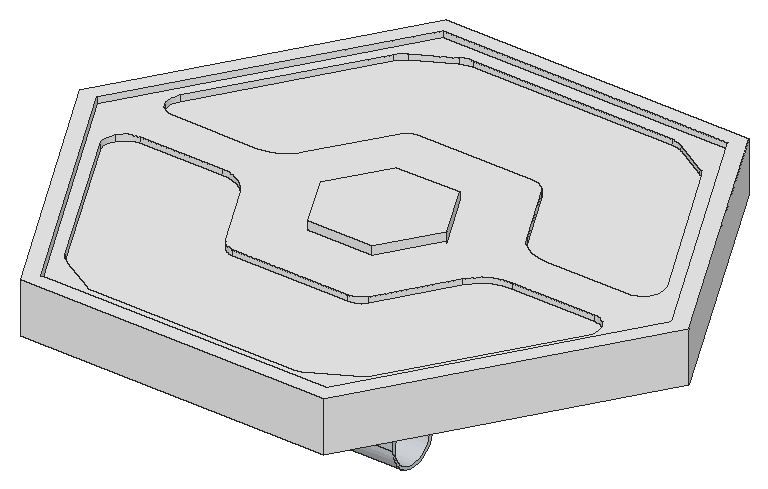
Revit family "Lighting-Industrial-GEWISS-ESALITE-HB-HIGHBAYS-LED_24K_DALI", category Apparecchi per illuminazione, host Superficie, Revit 2019
Family settings
  Host = Superficie
  Quota connettore circolare = Usa diametro
  Tipo di parte = Normale
  Taglio con vuoti quando caricato = No
  Sorgente d'illuminazione = No
  Condiviso = No
  Punto di calcolo locali = Sì
Parameters (values of type "GWS6355GD57K - ESALITE 24K ELL.5700K PLAF+V.GR.DALI")
  Weight (kg): = "11,2"
  Warranty = "5 years"
  Voltage- = "220/240 V - 50/60 Hz"
  Versions = "5700K cold light"
  Version file RFA = "20.11"
  VISIBILITA' SIMBOLO [instance] = yes
  VISIBILITA' LAMPADA PIANTA [instance] = not(VISIBILITA' SIMBOLO)  # no
  VISIBILITA' ETICHETTA [instance] = yes
  V = 0 V
  URL = "https://www.gewiss.com/ww/en"
  Technical sheet = "https://www.gewiss.com/ww/en/search?q=GWS6355GD57K"
  System power = "210W"
  Spostamento_y_effettivo_ET [instance] = 4000 mm - Spostamento_y_ET  # 2000 mm
  Spostamento_y_ET [instance] = 2000 mm
  Spostamento_X_effettivo_ET [instance] = 4000 mm - Spostamento_X_ET  # 3800 mm
  Spostamento_X_ET [instance] = 200 mm
  Shock resistance = "IK08"
  Shield type = "Tempered glass"
  SEO = "High bay"
  Realized by GEWISS S.p.A. = ""
  Prospetto di default = 1200 mm
  Produttore = "GEWISS S.p.A."
  Potenza di sitema = "Wxxx"
  Overvoltage resistance : = "Common mode: 8KV; Differential mode: 6KV"
  Optic = "Elliptical"
  Operating temperature: = "-30 +50 °C"
  Numero poli = 1
  Nominal flux (lm) = "29000"
  Modello = "GWS6355GD57K"
  Lumen output (lm) = "22200"
  Life time L90B10 (Tq 50Â°C) = "44000H"
  Life time L90B10 (Tq 25Â°C) = "100000H"
  Lamp- = "LED - Not replaceable"
  LED current. = "0,9A"
  Insulation class = "I"
  Immagine tipo = ESALITE_HB.jpg
  IP degree = "IP66"
  IDT = "f0f76afb655d49ff8b6d77a2e4b77edd"
  IDF = "a9774af4-46a2-4167-9a78-23378d3f8dd5"
  Electrocod = "2444"
  Efficiency class of integrated LEDs = "A ÷ A++"
  Driver type = "Driver Led Dali"
  Descrizione = "ESALITE 24K ELL.5700K PLAF+V.GR.DALI"
  Colour temperature: = "5700 K (CRI>80)"
  Colour = "Grey RAL 9006"
  Catalogue Range = "ESALITE HB - 24K"
  Catalogue = "LIGHTING"
  COBie.Tagnumber = ""
  COBie.CreatedOn = ""
  COBie.CreatebBy = ""
  COBie.ComponentRegisterItemID = ""
  COBie.Component.TagNumber = ""
  COBie.Component.Space = ""
  COBie.Component.SerialNumber = ""
  COBie.Component.InstallationDate = ""
  COBie.Component.Description = ""
  COBie.Component.BarCode = ""
  Application = "Indoor / Outdoor"
Types (25, lengths in mm): name | Versions | Technical sheet | Shock resistance | Shield type | Optic | Nominal flux (lm) | Modello | Lumen output (lm) | IP degree | IDT | Descrizione | Colour temperature: | Application
  (no name) | "5700K cold light" | "https://www.gewiss.com/ww/en/search?q=GWS6355GD57K" | "IK08" | "Tempered glass" | "Elliptical" | "29000" | "GWS6355GD57K" | "22200" | "IP66" | "f0f76afb655d49ff8b6d77a2e4b77edd" | "ESALITE 24K ELL.5700K PLAF+V.GR.DALI" | "5700 K (CRI>80)" | "Indoor / Outdoor"
  GWS6052GD - ESALITE 24K 30° 4000K PLAF.GR.DALI | "4000K natural light" | "https://www.gewiss.com/ww/en/search?q=GWS6052GD" | "IK06" | "Plastic" | "30°" | "29000" | "GWS6052GD" | "23600" | "IP65" | "7a529c6a4aff455e898e82f17e4db8f0" | "ESALITE 24K 30° 4000K PLAF.GR.DALI" | "4000 K (CRI>80)" | "Internal"
  GWS6052GD30K - ESALITE 24K 30° 3000K PLAF.GR.DALI | "3000K warm light" | "https://www.gewiss.com/ww/en/search?q=GWS6052GD30K" | "IK06" | "Plastic" | "30°" | "27000" | "GWS6052GD30K" | "21900" | "IP65" | "d4ebf1f3d9fe48179ddd5535c7b9acd2" | "ESALITE 24K 30° 3000K PLAF.GR.DALI" | "3000 K (CRI>80)" | "Internal"
  GWS6052GD57K - ESALITE 24K 30° 5700K PLAF.GR.DALI | "5700K cold light" | "https://www.gewiss.com/ww/en/search?q=GWS6052GD57K" | "IK06" | "Plastic" | "30°" | "29000" | "GWS6052GD57K" | "23600" | "IP65" | "988cbc6da2f94784838340eaeba77c4c" | "ESALITE 24K 30° 5700K PLAF.GR.DALI" | "5700 K (CRI>80)" | "Internal"
  GWS6053GD - ESALITE 24K 60° 4000K PLAF.GR.DALI | "4000K natural light" | "https://www.gewiss.com/ww/en/search?q=GWS6053GD" | "IK06" | "Plastic" | "60°" | "29000" | "GWS6053GD" | "24100" | "IP65" | "5bd9f83446b24d2cb9b4f137cdb066db" | "ESALITE 24K 60° 4000K PLAF.GR.DALI" | "4000 K (CRI>80)" | "Internal"
  GWS6053GD30K - ESALITE 24K 60° 3000K PLAF.GR.DALI | "3000K warm light" | "https://www.gewiss.com/ww/en/search?q=GWS6053GD30K" | "IK06" | "Plastic" | "60°" | "27000" | "GWS6053GD30K" | "22400" | "IP65" | "dea463b2350f4775a34d1bbf71191fdc" | "ESALITE 24K 60° 3000K PLAF.GR.DALI" | "3000 K (CRI>80)" | "Internal"
  GWS6053GD57K - ESALITE 24K 60° 5700K PLAF.GR.DALI | "5700K cold light" | "https://www.gewiss.com/ww/en/search?q=GWS6053GD57K" | "IK06" | "Plastic" | "60°" | "29000" | "GWS6053GD57K" | "24100" | "IP65" | "ccda541c118a402dafb75b9b97384d49" | "ESALITE 24K 60° 5700K PLAF.GR.DALI" | "5700 K (CRI>80)" | "Internal"
  GWS6054GD - ESALITE 24K 90° 4000K PLAF.GR.DALI | "4000K natural light" | "https://www.gewiss.com/ww/en/search?q=GWS6054GD" | "IK06" | "Plastic" | "90°" | "29000" | "GWS6054GD" | "25600" | "IP65" | "b5011d9e54c7465a944745bc54fa6949" | "ESALITE 24K 90° 4000K PLAF.GR.DALI" | "4000 K (CRI>80)" | "Internal"
  GWS6054GD30K - ESALITE 24K 90° 3000K PLAF.GR.DALI | "3000K warm light" | "https://www.gewiss.com/ww/en/search?q=GWS6054GD30K" | "IK06" | "Plastic" | "90°" | "27000" | "GWS6054GD30K" | "23800" | "IP65" | "8993c58c61bf4daeb0c1e66ccf0ec204" | "ESALITE 24K 90° 3000K PLAF.GR.DALI" | "3000 K (CRI>80)" | "Internal"
  GWS6054GD57K - ESALITE 24K 90° 5700K PLAF.GR.DALI | "5700K cold light" | "https://www.gewiss.com/ww/en/search?q=GWS6054GD57K" | "IK06" | "Plastic" | "90°" | "29000" | "GWS6054GD57K" | "25600" | "IP65" | "aac461747f3849b89be83953807347f4" | "ESALITE 24K 90° 5700K PLAF.GR.DALI" | "5700 K (CRI>80)" | "Internal"
  GWS6055GD - ESALITE 24K ELL.4000K PLAF.GR.DALI | "4000K natural light" | "https://www.gewiss.com/ww/en/search?q=GWS6055GD" | "IK06" | "Plastic" | "Elliptical" | "29000" | "GWS6055GD" | "24100" | "IP65" | "c2cbb117dbe54767a2e3a3479ddb1d8b" | "ESALITE 24K ELL.4000K PLAF.GR.DALI" | "4000 K (CRI>80)" | "Internal"
  GWS6055GD30K - ESALITE 24K ELL.3000K PLAF.GR.DALI | "3000K warm light" | "https://www.gewiss.com/ww/en/search?q=GWS6055GD30K" | "IK06" | "Plastic" | "Elliptical" | "27000" | "GWS6055GD30K" | "22400" | "IP65" | "0d6c2d08d2314372a773691ec730c18d" | "ESALITE 24K ELL.3000K PLAF.GR.DALI" | "3000 K (CRI>80)" | "Internal"
  GWS6055GD57K - ESALITE 24K ELL.5700K PLAF.GR.DALI | "5700K cold light" | "https://www.gewiss.com/ww/en/search?q=GWS6055GD57K" | "IK06" | "Plastic" | "Elliptical" | "29000" | "GWS6055GD57K" | "24100" | "IP65" | "1d3e300ed72b49d2b0c9c3fe6a3a3183" | "ESALITE 24K ELL.5700K PLAF.GR.DALI" | "5700 K (CRI>80)" | "Internal"
  GWS6352GD - ESALITE 24K 30° 4000K PLAF+V.GR.DALI | "4000K natural light" | "https://www.gewiss.com/ww/en/search?q=GWS6352GD" | "IK08" | "Tempered glass" | "30°" | "29000" | "GWS6352GD" | "21700" | "IP66" | "dc98eba4d6034e879b26eaf069b8883e" | "ESALITE 24K 30° 4000K PLAF+V.GR.DALI" | "4000 K (CRI>80)" | "Indoor / Outdoor"
  GWS6352GD30K - ESALITE 24K 30° 3000K PLAF+V.GR.DALI | "3000K warm light" | "https://www.gewiss.com/ww/en/search?q=GWS6352GD30K" | "IK08" | "Tempered glass" | "30°" | "27000" | "GWS6352GD30K" | "20200" | "IP66" | "6c4655eb98dd4145bfde5ca2a8d1e3f8" | "ESALITE 24K 30° 3000K PLAF+V.GR.DALI" | "3000 K (CRI>80)" | "Indoor / Outdoor"
  GWS6352GD57K - ESALITE 24K 30° 5700K PLAF+V.GR.DALI | "5700K cold light" | "https://www.gewiss.com/ww/en/search?q=GWS6352GD57K" | "IK08" | "Tempered glass" | "30°" | "29000" | "GWS6352GD57K" | "21700" | "IP66" | "a6b2e109af554cf3afd91e6397fe3076" | "ESALITE 24K 30° 5700K PLAF+V.GR.DALI" | "5700 K (CRI>80)" | "Indoor / Outdoor"
  GWS6353GD - ESALITE 24K 60° 4000K PLAF+V.GR.DALI | "4000K natural light" | "https://www.gewiss.com/ww/en/search?q=GWS6353GD" | "IK08" | "Tempered glass" | "60°" | "29000" | "GWS6353GD" | "22200" | "IP66" | "5ced56ef3ad443188505a0500c17be60" | "ESALITE 24K 60° 4000K PLAF+V.GR.DALI" | "4000 K (CRI>80)" | "Indoor / Outdoor"
  GWS6353GD30K - ESALITE 24K 60° 3000K PLAF+V.GR.DALI | "3000K warm light" | "https://www.gewiss.com/ww/en/search?q=GWS6353GD30K" | "IK08" | "Tempered glass" | "60°" | "27000" | "GWS6353GD30K" | "20600" | "IP66" | "ac530e89efbb4424a6a6cfde89b676b9" | "ESALITE 24K 60° 3000K PLAF+V.GR.DALI" | "3000 K (CRI>80)" | "Indoor / Outdoor"
  GWS6353GD57K - ESALITE 24K 60° 5700K PLAF+V.GR.DALI | "5700K cold light" | "https://www.gewiss.com/ww/en/search?q=GWS6353GD57K" | "IK08" | "Tempered glass" | "60°" | "29000" | "GWS6353GD57K" | "22200" | "IP66" | "8d1e01f05566424f83bf0f6a4fa693fa" | "ESALITE 24K 60° 5700K PLAF+V.GR.DALI" | "5700 K (CRI>80)" | "Indoor / Outdoor"
  GWS6354GD - ESALITE 24K 90° 4000K PLAF+V.GR.DALI | "4000K natural light" | "https://www.gewiss.com/ww/en/search?q=GWS6354GD" | "IK08" | "Tempered glass" | "90°" | "29000" | "GWS6354GD" | "23600" | "IP66" | "ccf18fba6ae74926ac10c1070d8e3b60" | "ESALITE 24K 90° 4000K PLAF+V.GR.DALI" | "4000 K (CRI>80)" | "Indoor / Outdoor"
  GWS6354GD30K - ESALITE 24K 90° 3000K PLAF+V.GR.DALI | "3000K warm light" | "https://www.gewiss.com/ww/en/search?q=GWS6354GD30K" | "IK08" | "Tempered glass" | "90°" | "27000" | "GWS6354GD30K" | "21900" | "IP66" | "d5189869ec1742c3a465af752ac5306a" | "ESALITE 24K 90° 3000K PLAF+V.GR.DALI" | "3000 K (CRI>80)" | "Indoor / Outdoor"
  GWS6354GD57K - ESALITE 24K 90° 5700K PLAF+V.GR.DALI | "5700K cold light" | "https://www.gewiss.com/ww/en/search?q=GWS6354GD57K" | "IK08" | "Tempered glass" | "90°" | "29000" | "GWS6354GD57K" | "23600" | "IP66" | "de51f4aed0be4ed38c81c5697c8fd02a" | "ESALITE 24K 90° 5700K PLAF+V.GR.DALI" | "5700 K (CRI>80)" | "Indoor / Outdoor"
  GWS6355GD - ESALITE 24K ELL.4000K PLAF+V.GR.DALI | "4000K natural light" | "https://www.gewiss.com/ww/en/search?q=GWS6355GD" | "IK08" | "Tempered glass" | "Elliptical" | "29000" | "GWS6355GD" | "22200" | "IP66" | "15f081436d7041e3beec56ff2ff105a1" | "ESALITE 24K ELL.4000K PLAF+V.GR.DALI" | "4000 K (CRI>80)" | "Indoor / Outdoor"
  GWS6355GD30K - ESALITE 24K ELL.3000K PLAF+V.GR.DALI | "3000K warm light" | "https://www.gewiss.com/ww/en/search?q=GWS6355GD30K" | "IK08" | "Tempered glass" | "Elliptical" | "27000" | "GWS6355GD30K" | "20600" | "IP66" | "f0e388d9d5df4f198b10569113670eb8" | "ESALITE 24K ELL.3000K PLAF+V.GR.DALI" | "3000 K (CRI>80)" | "Indoor / Outdoor"
  GWS6355GD57K - ESALITE 24K ELL.5700K PLAF+V.GR.DALI | "5700K cold light" | "https://www.gewiss.com/ww/en/search?q=GWS6355GD57K" | "IK08" | "Tempered glass" | "Elliptical" | "29000" | "GWS6355GD57K" | "22200" | "IP66" | "f0f76afb655d49ff8b6d77a2e4b77edd" | "ESALITE 24K ELL.5700K PLAF+V.GR.DALI" | "5700 K (CRI>80)" | "Indoor / Outdoor"
Reference planes
  plane 1 "Centro (Fronte/Retro)": y = 0
  plane 2: z = 0
  plane 3 "Centro (Sinistra/Destra)": x = 0
  plane 4: z = 185
  plane 5: x = -50.612
  plane 6: x = -3850.612
  plane 7: y = -2119.2
  plane 8: y = -119.2
  plane 9: through (-1779.2, -702.001, 1219.2) normal (0.4695, 0.8829, 0)
  plane 10: through (203.705, -1575.119, 1219.2) normal (-0.866, 0.5, 0)
  plane 11: x = -217.137
  plane 12: x = 217.137
  plane 13: y = 188.046
  plane 14: y = -188.046
Text (mm)
  text "B-A=C" at (-2005.323, -1167.131, 0), in view "Livello rif."
  text "D+A-C=B" at (1746.792, 582.509, 0), in view "Livello rif."
Dimensions and locks
  "Spostamento_X_effettivo_ET": plane 6 to plane 5
  plane 6 to plane 3 "Centro (Sinistra/Destra)" = 3850.612 mm
  "Spostamento_y_effettivo_ET": plane 8 to plane 7
  plane 1 "Centro (Fronte/Retro)" to plane 7 = 2119.2 mm
  plane 11 to plane 12 = 434.273 mm
  plane 13 to plane 14 = 376.092 mm
  angle plane 9 to plane 7 = 28.00°
  angle plane 7 to plane 6 = 90.00°
  aligned and locked: plane 2 to host face
  aligned and locked: level to host face
  aligned and locked: plane 5 to nested 1
  aligned and locked: nested 1 to plane 8
  aligned and locked: plane 3 "Centro (Sinistra/Destra)" to nested 3
  aligned and locked: plane 1 "Centro (Fronte/Retro)" to nested 3
Automatic sketch dimensions
  host sketch curve to host sketch curve = 2438.4 mm  (x2)
Nested families
  nested 1: "etichetta Potenza Lampada" at (-50.612, -119.2, 0), visible <- "VISIBILITA' ETICHETTA", type "etichetta Potenza Lampada"
  nested 2: "ESALITE HB 24K SOSPENSIONE_base" at (0, 0, 0), type "Tipo 1"
  nested 3: "Simbolo HB" at (0, 0, 0), visible <- "VISIBILITA' SIMBOLO", type "esalight hb simb"
  nested 4: "Frontale HB 24" at (0.038, -241.364, 0) x (1, 0.0002, 0) z (0, 0, 1), visible <- "VISIBILITA' LAMPADA PIANTA", type "Frontale HB 24"
  nested 5: "Laterale corta - HB 24" at (0, 0, 0) x (1, 0, 0) z (0, -1, 0), visible <- "VISIBILITA' LAMPADA PIANTA", type "Laterale corta - HB 24"
  nested 6: "Laterale lungo - HB 24" at (0, 0, 0) x (0, 1, 0) z (1, 0, 0), visible <- "VISIBILITA' LAMPADA PIANTA", type "Laterale lungo - HB 24"
Definition of nested family "ESALITE HB 24K SOSPENSIONE_base"
  Parameters (values of type "Tipo 1")
    V = 0 V
    Schermatura interna = none
    Numero poli = 1
    LED = none
    Corpo luce = none
  Reference planes
    plane 1 "Centro (Fronte/Retro)": y = 0
    plane 2: z = 0
    plane 3 "Centro (Sinistra/Destra)": x = 0
    plane 4: x = -145.163
    plane 5: x = 145.28
    plane 6: y = 126.226
    plane 7: y = -125.856
    plane 8: y = 55.469
    plane 9: y = -55.099
    plane 10: x = -63.671
    plane 11: x = 63.788
    plane 12: y = -123.856
    plane 13: y = 124.226
    plane 14: y = -112.535
    plane 15: y = 112.905
    plane 16: y = -22
    plane 17: y = 22
    plane 18: y = -108.017
    plane 19: y = 108.387
    plane 20: through (-28.293, 49.29, 1200) normal (0.866, -0.5, 0)
    plane 21: y = 49.29
    plane 22: through (28.409, 49.29, 1200) normal (0.866, 0.5, 0)
    plane 23: through (28.409, -48.92, 1200) normal (-0.866, 0.5, 0)
    plane 24: y = -48.92
    plane 25: through (-56.644, 0.185, 1200) normal (0.866, 0.5, 0)
    plane 26: through (-31.86, 55.469, 1200) normal (0.866, -0.5, 0)
    plane 27: through (-63.778, 0.185, 1200) normal (0.866, 0.5, 0)
    plane 28: y = -55.099
    plane 29: through (63.894, 0.185, 1200) normal (0.866, -0.5, 0)
    plane 30: through (63.894, 0.185, 1200) normal (-0.866, -0.5, 0)
    plane 31: y = 55.469
    plane 32: z = 123.439
    plane 33: through (-65.51, 1.185, 1200) normal (-0.866, 0.5, 0)
    plane 34: through (-33.592, -56.099, 1200) normal (-0.866, -0.5, 0)
    plane 35: through (-65.51, 1.185, 1200) normal (-0.866, 0.5, 0)
    plane 36: y = 57.469
    plane 37: through (33.708, 56.469, 1200) normal (0.866, 0.5, 0)
    plane 38: through (65.626, -0.815, 1200) normal (0.866, -0.5, 0)
    plane 39: y = -57.099
    plane 40: y = -1
    plane 41: y = 1
    plane 42: x = -1
    plane 43: x = 0
    plane 44: y = 105.387
    plane 45: y = -105.017
    plane 46: z = 130
    plane 47: y = -103.017
    plane 48: y = 103.387
    plane 49: x = 1
    plane 50: through (-108.857, 187.546, 1200) normal (0.866, -0.5, 0)
    plane 51: y = 188.046
    plane 52: y = 174.478
    plane 53: through (-101.456, 173.228, 1200) normal (0.866, -0.5, 0)
    plane 54: through (-216.848, -0.5, 1200) normal (0.866, 0.5, 0)
    plane 55: through (-200.748, -1.25, 1200) normal (0.866, 0.5, 0)
    plane 56: y = -188.046
    plane 57: y = -174.478
    plane 58: y = 188.046
    plane 59: y = 174.478
    plane 60: through (200.748, 1.25, 1200) normal (-0.866, -0.5, 0)
    plane 61: through (216.848, 0.5, 1200) normal (-0.866, -0.5, 0)
    plane 62: through (108.857, -187.546, 1200) normal (-0.866, 0.5, 0)
    plane 63: through (101.456, -173.228, 1200) normal (-0.866, 0.5, 0)
    plane 64: z = 89
    plane 65: z = 134
    plane 66: z = 108.133
    plane 67: z = 123.439
    plane 68: z = 117.439
    plane 69: z = 128.439
    plane 70: z = 27.205
    plane 71: z = 152.205
    plane 72: z = 197.205
    plane 73: z = 199.205
    plane 74: z = 192.205
    plane 75: z = 182.205
    plane 76: z = 187.205
    plane 77: z = 184.113
    plane 78: x = -263
    plane 79: x = 263
    plane 80: x = -107.366
    plane 81: x = 108.568
  Forms (mm)
    Extrusion 1, solid, material <- "Corpo luce"
      sketch origin (0, 0, 0) x (1, 0, 0) y (0, 1, 0)
        loop
          line (-28.293, 49.29) -> (-56.644, 0.185) -> (-28.293, -48.92) -> (28.409, -48.92) -> (56.76, 0.185) -> (28.409, 49.29) -> (-28.293, 49.29)
      from 199.205 to 55
    Extrusion 2, solid
      sketch origin (0, 0, 0) x (0, 1, 0) y (0, 0, 1)
        loop
          arc (-22, 21.411) -> (0, -0.589) -> (22, 21.411) r 22
          line (22, 21.411) -> (22, 55) -> (-22, 55) -> (-22, 21.411)
        loop
          circle (0, 21.411) r 20
      from -26.009 to 26.009
    Extrusion 3, solid, material <- "Corpo luce"
      sketch origin (0, 0, 0) x (1, 0, 0) y (0, 1, 0)
        loop
          line (136.312, -237.421) -> (273.387, 0) -> (135.951, 238.046) -> (-134.701, 238.046) -> (-272.137, 0) -> (-135.062, -237.421) -> (136.312, -237.421)
        loop
          line (128.478, -223.853) -> (257.72, 0) -> (128.117, 224.478) -> (-126.867, 224.478) -> (-256.47, 0) -> (-127.228, -223.853) -> (128.478, -223.853)
      from 152.205 to 197.205
    Extrusion 4, solid, material <- "Corpo luce"
      sketch origin (0, 0, 0) x (1, 0, 0) y (0, 1, 0)
        loop
          line (-260.455, 0) -> (-130.169, -225.662) -> (130.286, -225.662) -> (260.572, 0) -> (130.286, 225.662) -> (-130.169, 225.662) -> (-260.455, 0)
        loop
          line (-28.293, 49.29) -> (-56.644, 0.185) -> (-28.293, -48.92) -> (28.409, -48.92) -> (56.76, 0.185) -> (28.409, 49.29) -> (-28.293, 49.29)
      from 182.205 to 192.205
    Extrusion 5, void
      sketch origin (0, 0, 0) x (1, 0, 0) y (0, 1, 0)
        loop
          arc (-218.132, 27.925) -> (-211.783, 21.224) -> (-202.889, 18.755) r 17.255
          line (-202.889, 18.755) -> (-129.361, 18.755)
          arc (-129.361, 18.755) -> (-111.731, 23.479) -> (-98.826, 36.385) r 35.259
          line (-98.826, 36.385) -> (-64.175, 96.401)
          arc (-64.175, 96.401) -> (-58.775, 101.801) -> (-51.398, 103.778) r 14.754
          line (-51.398, 103.778) -> (51.398, 103.778)
          arc (51.398, 103.778) -> (58.775, 101.801) -> (64.175, 96.401) r 14.754
          line (64.175, 96.401) -> (98.854, 36.336)
          arc (98.854, 36.336) -> (111.756, 23.465) -> (129.361, 18.755) r 35.259
          line (129.361, 18.755) -> (202.889, 18.755)
          arc (202.889, 18.755) -> (211.784, 21.225) -> (218.133, 27.927) r 17.255
          arc (218.133, 27.927) -> (220.334, 36.472) -> (218.023, 44.987) r 17.255
          line (218.023, 44.987) -> (138.389, 182.917)
          arc (138.389, 182.917) -> (135.165, 187.129) -> (130.959, 190.359) r 20.255
          line (130.959, 190.359) -> (99.376, 208.593)
          arc (99.376, 208.593) -> (94.491, 210.617) -> (89.248, 211.307) r 20.255
          line (89.248, 211.307) -> (-89.248, 211.307)
          arc (-89.248, 211.307) -> (-94.491, 210.617) -> (-99.376, 208.593) r 20.255
          line (-99.376, 208.593) -> (-130.959, 190.359)
          arc (-130.959, 190.359) -> (-135.143, 187.15) -> (-138.358, 182.971) r 20.255
          line (-138.358, 182.971) -> (-218.023, 44.987)
          arc (-218.023, 44.987) -> (-220.334, 36.471) -> (-218.132, 27.925) r 17.255
        loop
          arc (-218.132, -27.925) -> (-220.334, -36.471) -> (-218.023, -44.987) r 17.255
          line (-218.023, -44.987) -> (-138.358, -182.971)
          arc (-138.358, -182.971) -> (-135.143, -187.15) -> (-130.959, -190.359) r 20.255
          line (-130.959, -190.359) -> (-99.376, -208.593)
          arc (-99.376, -208.593) -> (-94.491, -210.617) -> (-89.248, -211.307) r 20.255
          line (-89.248, -211.307) -> (89.248, -211.307)
          arc (89.248, -211.307) -> (94.491, -210.617) -> (99.376, -208.593) r 20.255
          line (99.376, -208.593) -> (130.959, -190.359)
          arc (130.959, -190.359) -> (135.165, -187.129) -> (138.389, -182.917) r 20.255
          line (138.389, -182.917) -> (218.023, -44.987)
          arc (218.023, -44.987) -> (220.334, -36.472) -> (218.133, -27.927) r 17.255
          arc (218.133, -27.927) -> (211.784, -21.225) -> (202.889, -18.755) r 17.255
          line (202.889, -18.755) -> (129.361, -18.755)
          arc (129.361, -18.755) -> (111.756, -23.465) -> (98.854, -36.336) r 35.259
          line (98.854, -36.336) -> (64.175, -96.401)
          arc (64.175, -96.401) -> (58.775, -101.801) -> (51.398, -103.778) r 14.754
          line (51.398, -103.778) -> (-51.398, -103.778)
          arc (-51.398, -103.778) -> (-58.775, -101.801) -> (-64.175, -96.401) r 14.754
          line (-64.175, -96.401) -> (-98.826, -36.385)
          arc (-98.826, -36.385) -> (-111.731, -23.479) -> (-129.361, -18.755) r 35.259
          line (-129.361, -18.755) -> (-202.889, -18.755)
          arc (-202.889, -18.755) -> (-211.783, -21.224) -> (-218.132, -27.925) r 17.255
      from 187.205 to 192.205
  Cuts and joins
    Extrusion 5 cuts Extrusion 4
  Lines and regions (mm)
    symbolic lines
      curve 1: line (0, 188.046, 0) -> (0, 193.046, 0)
      curve 2: line (0, -66.018, 0) -> (0, 66.018, 0)
      curve 3: line (-81.378, 0, 0) -> (81.378, 0, 0)
  Dimensions and locks
    locked: plane 6 to plane 13 at 2
    locked: plane 7 to plane 12 at 2
    locked: plane 15 to plane 13 at 11.321
    locked: plane 12 to plane 14 at 11.321
    equal spacing: Extrusion 2, plane 3 "Centro (Sinistra/Destra)", Extrusion 2
    plane 4 to plane 5 = 290.443 mm
    plane 7 to plane 6 = 252.082 mm
    Extrusion 1 to plane 70 = 172 mm
    plane 72 to plane 71 = 45 mm
    locked: plane 72 to plane 74 at 5
    locked: plane 74 to plane 75 at 10
    locked: plane 74 to plane 76 at 5
    locked: plane 76 to plane 77 at 3.092
    aligned and locked: level to plane 2
    aligned and locked: Extrusion 2 sketch curve to plane 16
    aligned and locked: Extrusion 2 sketch curve to plane 17
    aligned and locked: plane 1 "Centro (Fronte/Retro)" to Extrusion 2 sketch curve
    aligned and locked: Extrusion 1 sketch curve to plane 20
    aligned and locked: Extrusion 1 sketch curve to plane 25
    aligned and locked: Extrusion 1 sketch curve to plane 24
    aligned and locked: Extrusion 1 sketch curve to plane 23
    aligned and locked: Extrusion 1 sketch curve to plane 22
    aligned and locked: Extrusion 1 sketch curve to plane 21
    aligned and locked: Extrusion 1 to plane 73
    aligned and locked: Extrusion 3 to plane 72
    aligned and locked: Extrusion 3 to plane 71
    aligned and locked: Extrusion 4 to plane 74
    aligned and locked: Extrusion 4 to plane 75
    aligned and locked: Extrusion 4 to Extrusion 5
    aligned and locked: Extrusion 5 to plane 76
  Automatic sketch dimensions
    plane 1 "Centro (Fronte/Retro)" to curve 3 = 0 mm
    curve 1 to plane 3 "Centro (Sinistra/Destra)" = 0 mm
    curve 1 to plane 51 = 0 mm
    plane 10 to curve 3 = 17.707 mm
    plane 3 "Centro (Sinistra/Destra)" to curve 2 = 0 mm
    curve 3 to plane 11 = 17.59 mm
    plane 39 to curve 2 = 8.919 mm
    plane 36 to curve 2 = 8.549 mm
    curve 1 to curve 1 = 5 mm
    Extrusion 2 sketch curve to Extrusion 2 sketch curve = 0 mm
    plane 70 to Extrusion 2 sketch curve = 5.795 mm
    Extrusion 2 sketch curve to plane 70 = 27.795 mm
    Extrusion 3 sketch curve to plane 1 "Centro (Fronte/Retro)" = 0 mm  (x4)
    Extrusion 3 sketch curve to plane 78 = 9.137 mm
    plane 78 to Extrusion 3 sketch curve = 6.53 mm
    Extrusion 3 sketch curve to plane 4 = 10.102 mm
    Extrusion 3 sketch curve to plane 4 = 10.463 mm
    Extrusion 3 sketch curve to Extrusion 3 sketch curve = 7.833 mm  (x2)
    plane 5 to Extrusion 3 sketch curve = 17.162 mm
    plane 5 to Extrusion 3 sketch curve = 16.802 mm
    plane 5 to Extrusion 3 sketch curve = 9.329 mm
    plane 5 to Extrusion 3 sketch curve = 8.968 mm
    Extrusion 3 sketch curve to plane 79 = 5.28 mm
    plane 79 to Extrusion 3 sketch curve = 10.387 mm
    Extrusion 3 sketch curve to plane 56 = 35.807 mm
    Extrusion 3 sketch curve to Extrusion 3 sketch curve = 13.568 mm  (x2)
    plane 51 to Extrusion 3 sketch curve = 36.432 mm
    Extrusion 4 sketch curve to plane 20 = 0 mm
    Extrusion 4 sketch curve to plane 25 = 0 mm  (x2)
    plane 20 to Extrusion 4 sketch curve = 0 mm
    Extrusion 4 sketch curve to plane 21 = 0 mm
    Extrusion 4 sketch curve to plane 24 = 0 mm
    Extrusion 4 sketch curve to plane 22 = 0 mm  (x2)
    Extrusion 4 sketch curve to plane 23 = 0 mm  (x2)
    Extrusion 4 sketch curve to plane 4 = 14.995 mm  (x2)
    plane 1 "Centro (Fronte/Retro)" to Extrusion 4 sketch curve = 0 mm  (x2)
    plane 78 to Extrusion 4 sketch curve = 2.545 mm
    plane 5 to Extrusion 4 sketch curve = 14.994 mm  (x2)
    Extrusion 4 sketch curve to plane 79 = 2.428 mm
    Extrusion 4 sketch curve to plane 56 = 37.617 mm
    plane 51 to Extrusion 4 sketch curve = 37.616 mm
    plane 24 to Extrusion 5 sketch curve = 3.933 mm  (x2)
    plane 78 to Extrusion 5 sketch curve = 44.977 mm  (x2)
    Extrusion 5 sketch curve to plane 21 = 4.303 mm  (x2)
    Extrusion 5 sketch curve to Extrusion 5 sketch curve = 14.943 mm  (x4)
    Extrusion 5 sketch curve to Extrusion 5 sketch curve = 0.191 mm  (x4)
    Extrusion 5 sketch curve to plane 4 = 6.806 mm  (x2)
    plane 51 to Extrusion 5 sketch curve = 2.313 mm  (x2)
    Extrusion 5 sketch curve to Extrusion 5 sketch curve = 7.399 mm  (x2)
    Extrusion 5 sketch curve to plane 56 = 2.313 mm  (x2)
    Extrusion 5 sketch curve to plane 16 = 3.245 mm  (x2)
    Extrusion 5 sketch curve to plane 4 = 15.802 mm  (x2)
    Extrusion 5 sketch curve to plane 8 = 1.454 mm  (x2)
    plane 52 to Extrusion 5 sketch curve = 1.661 mm  (x2)
    plane 80 to Extrusion 5 sketch curve = 13.465 mm  (x2)
    plane 57 to Extrusion 5 sketch curve = 1.661 mm  (x2)
    Extrusion 5 sketch curve to plane 80 = 7.99 mm  (x2)
    Extrusion 5 sketch curve to Extrusion 5 sketch curve = 10.128 mm
    plane 51 to Extrusion 5 sketch curve = 3.005 mm  (x2)
    Extrusion 5 sketch curve to plane 80 = 18.118 mm  (x2)
    Extrusion 5 sketch curve to plane 56 = 3.006 mm
    Extrusion 5 sketch curve to plane 10 = 12.273 mm  (x2)
    Extrusion 5 sketch curve to plane 47 = 0.76 mm
    plane 11 to Extrusion 5 sketch curve = 12.39 mm  (x2)
    plane 81 to Extrusion 5 sketch curve = 19.32 mm  (x2)
    plane 81 to Extrusion 5 sketch curve = 9.715 mm  (x2)
    plane 81 to Extrusion 5 sketch curve = 9.192 mm  (x2)
    Extrusion 5 sketch curve to plane 81 = 12.263 mm  (x2)
    plane 9 to Extrusion 5 sketch curve = 1.084 mm  (x2)
    plane 5 to Extrusion 5 sketch curve = 15.919 mm  (x2)
    plane 5 to Extrusion 5 sketch curve = 14.321 mm  (x2)
    Extrusion 5 sketch curve to plane 51 = 5.129 mm
    plane 56 to Extrusion 5 sketch curve = 5.128 mm
    Extrusion 5 sketch curve to plane 5 = 57.609 mm
    plane 17 to Extrusion 5 sketch curve = 3.245 mm  (x2)
    Extrusion 5 sketch curve to Extrusion 5 sketch curve = 0 mm  (x13)
    Extrusion 5 sketch curve to plane 56 = 20.547 mm
    Extrusion 5 sketch curve to Extrusion 5 sketch curve = 17.542 mm  (x2)
    plane 47 to Extrusion 5 sketch curve = 13.994 mm  (x2)
    Extrusion 5 sketch curve to Extrusion 5 sketch curve = 8.627 mm  (x2)
    Extrusion 5 sketch curve to Extrusion 5 sketch curve = 0.35 mm  (x4)
    Extrusion 5 sketch curve to plane 21 = 13.281 mm  (x2)
    plane 48 to Extrusion 5 sketch curve = 14.364 mm  (x2)
    Extrusion 5 sketch curve to plane 48 = 0.39 mm
    Extrusion 5 sketch curve to plane 80 = 8.54 mm  (x2)
    plane 10 to Extrusion 5 sketch curve = 0.504 mm  (x2)
    Extrusion 5 sketch curve to plane 11 = 0.388 mm  (x2)
    radius of Extrusion 2 sketch curve = 20 mm
  Connectors
    electrical at (0.058, 0.185, 55), driven by "Numero poli", driven by "V"
      settings: on Extrusion 1, index 1, voltage 0 V, apparent load 0 VA, apparent load phase1 0 VA, apparent load phase2 0 VA, apparent load phase3 0 VA, power factor 1, load classification none, number of poles 1, system type 31, power factor state 1, is connector primary yes, connector utility no, sub classification motor no, connector description ""
Definition of nested family "etichetta Potenza Lampada"
  Parameters (values of type "etichetta Potenza Lampada")
    potenza lampada = "Wxxx"
  Reference planes
    plane 1: y = 0
    plane 2: x = 0
  Text (mm)
    label "QE" at (0.073, -0.194, 0), shows "potenza lampada"
Definition of nested family "Simbolo HB"
  Reference planes
    plane 1 "Centro (Fronte/Retro)": y = 0
    plane 2: z = 0
    plane 3 "Centro (Sinistra/Destra)": x = 0
  Lines and regions (mm)
    detail lines, in view "Livello rif."
      curve 1: line (0, 152.5, 0) -> (0, -147.5, 0)
      curve 2: line (56.499, 89.193, 0) -> (172.002, 155.878, 0)
      curve 3: line (212.384, 179.193, 0) -> (165.755, 166.699, 0)
      curve 4: line (212.384, 179.193, 0) -> (178.249, 145.058, 0)
      curve 5: line (165.755, 166.699, 0) -> (178.249, 145.058, 0)
      curve 6: line (56.499, -104.193, 0) -> (172.002, -170.878, 0)
      curve 7: line (212.384, -194.193, 0) -> (165.755, -181.699, 0)
      curve 8: line (212.384, -194.193, 0) -> (178.249, -160.058, 0)
      curve 9: line (165.755, -181.699, 0) -> (178.249, -160.058, 0)
      curve 10: arc (0, 152.5, 0) -> (-150, 2.5, 0) -> (0, -147.5, 0) r 150
Definition of nested family "Frontale HB 24"
  Reference planes
    plane 1 "Centro (Fronte/Retro)": y = 0
    plane 2: z = 0
    plane 3 "Centro (Sinistra/Destra)": x = 0
  Lines and regions (mm)
    detail lines, in view "Livello rif."
      curve 1: arc (263.254, 247.441, 0) -> (266.501, 249.563, 0) -> (266.429, 253.441, 0) r 4.007
      curve 2: arc (-133.641, 479.464, 0) -> (-136.147, 478.791, 0) -> (-137.978, 476.953, 0) r 5
      curve 3: arc (138.225, 476.909, 0) -> (136.394, 478.747, 0) -> (133.889, 479.421, 0) r 5
      curve 4: arc (-89.532, 450.987, 0) -> (-94.122, 450.384, 0) -> (-98.399, 448.615, 0) r 17.75
      curve 5: arc (-129.977, 430.391, 0) -> (-133.655, 427.572, 0) -> (-136.478, 423.898, 0) r 17.75
      curve 6: arc (-216.133, 285.983, 0) -> (-218.11, 278.788, 0) -> (-216.312, 271.546, 0) r 14.75
      curve 7: arc (-216.121, 271.196, 0) -> (-210.702, 265.573, 0) -> (-203.172, 263.505, 0) r 14.75
      curve 8: arc (-129.665, 263.493, 0) -> (-113.289, 267.879, 0) -> (-101.3, 279.864, 0) r 32.75
      curve 9: arc (-51.709, 348.481, 0) -> (-60.334, 346.171, 0) -> (-66.649, 339.858, 0) r 17.25
      curve 10: arc (65.997, 339.837, 0) -> (59.684, 346.152, 0) -> (51.06, 348.464, 0) r 17.25
      curve 11: arc (100.648, 279.798, 0) -> (112.631, 267.833, 0) -> (128.988, 263.452, 0) r 32.75
      curve 12: arc (202.496, 263.44, 0) -> (210.04, 265.514, 0) -> (215.463, 271.155, 0) r 14.75
      curve 13: arc (215.638, 271.477, 0) -> (217.438, 278.718, 0) -> (215.464, 285.913, 0) r 14.75
      curve 14: arc (135.854, 423.855, 0) -> (133.031, 427.53, 0) -> (129.354, 430.349, 0) r 17.75
      curve 15: arc (97.783, 448.584, 0) -> (93.506, 450.354, 0) -> (88.916, 450.958, 0) r 17.75
      curve 16: arc (266.425, 230.321, 0) -> (266.498, 234.199, 0) -> (263.252, 236.322, 0) r 4.007
      curve 17: arc (-138.054, 6.939, 0) -> (-136.223, 5.101, 0) -> (-133.717, 4.427, 0) r 5
      curve 18: arc (133.812, 4.384, 0) -> (136.318, 5.057, 0) -> (138.149, 6.895, 0) r 5
      curve 19: arc (-98.466, 35.264, 0) -> (-94.189, 33.494, 0) -> (-89.6, 32.889, 0) r 17.75
      curve 20: arc (-136.537, 59.993, 0) -> (-133.715, 56.318, 0) -> (-130.037, 53.499, 0) r 17.75
      curve 21: arc (-216.321, 212.371, 0) -> (-218.121, 205.13, 0) -> (-216.148, 197.935, 0) r 14.75
      curve 22: arc (-203.179, 220.408, 0) -> (-210.71, 218.342, 0) -> (-216.13, 212.721, 0) r 14.75
      curve 23: arc (-101.312, 204.016, 0) -> (-113.297, 216.006, 0) -> (-129.672, 220.396, 0) r 32.75
      curve 24: arc (-66.68, 144.011, 0) -> (-60.368, 137.696, 0) -> (-51.743, 135.383, 0) r 17.25
      curve 25: arc (51.025, 135.367, 0) -> (59.651, 137.677, 0) -> (65.966, 143.989, 0) r 17.25
      curve 26: arc (128.981, 220.354, 0) -> (112.622, 215.979, 0) -> (100.636, 204.017, 0) r 32.75
      curve 27: arc (215.453, 212.623, 0) -> (210.033, 218.266, 0) -> (202.489, 220.342, 0) r 14.75
      curve 28: arc (215.45, 197.865, 0) -> (217.426, 205.06, 0) -> (215.629, 212.302, 0) r 14.75
      curve 29: arc (129.294, 53.457, 0) -> (132.972, 56.275, 0) -> (135.795, 59.95, 0) r 17.75
      curve 30: arc (88.849, 32.861, 0) -> (93.439, 33.464, 0) -> (97.716, 35.233, 0) r 17.75
      curve 31: arc (-266.254, 253.527, 0) -> (-266.327, 249.649, 0) -> (-263.081, 247.525, 0) r 4.007
      curve 32: arc (-263.082, 236.407, 0) -> (-266.33, 234.285, 0) -> (-266.258, 230.406, 0) r 4.007
      curve 33: line (40.8, 312.417, 0) -> (-40.606, 312.43, 0)
      curve 34: line (-40.606, 312.43, 0) -> (-81.321, 241.937, 0)
      curve 35: line (-81.321, 241.937, 0) -> (-40.629, 171.43, 0)
      curve 36: line (-40.629, 171.43, 0) -> (40.777, 171.417, 0)
      curve 37: line (40.777, 171.417, 0) -> (81.492, 241.911, 0)
      curve 38: line (81.492, 241.911, 0) -> (40.8, 312.417, 0)
      curve 39: line (266.429, 253.441, 0) -> (138.225, 476.909, 0)
      curve 40: line (133.889, 479.421, 0) -> (-133.641, 479.464, 0)
      curve 41: line (-89.532, 450.987, 0) -> (88.916, 450.958, 0)
      curve 42: line (-129.977, 430.391, 0) -> (-98.399, 448.615, 0)
      curve 43: line (-216.133, 285.983, 0) -> (-136.478, 423.898, 0)
      curve 44: line (-216.312, 271.546, 0) -> (-216.121, 271.196, 0)
      curve 45: line (-129.665, 263.493, 0) -> (-203.172, 263.505, 0)
      curve 46: line (-66.649, 339.858, 0) -> (-101.3, 279.864, 0)
      curve 47: line (51.06, 348.464, 0) -> (-51.709, 348.481, 0)
      curve 48: line (65.997, 339.837, 0) -> (100.648, 279.798, 0)
      curve 49: line (128.988, 263.452, 0) -> (202.496, 263.44, 0)
      curve 50: line (215.638, 271.477, 0) -> (215.463, 271.155, 0)
      curve 51: line (215.464, 285.913, 0) -> (135.854, 423.855, 0)
      curve 52: line (129.354, 430.349, 0) -> (97.783, 448.584, 0)
      curve 53: line (78.283, 247.471, 0) -> (263.254, 247.441, 0)
      curve 54: line (-78.11, 247.496, 0) -> (-263.081, 247.525, 0)
      curve 55: line (266.425, 230.321, 0) -> (138.149, 6.895, 0)
      curve 56: line (133.812, 4.384, 0) -> (-133.717, 4.427, 0)
      curve 57: line (-89.6, 32.889, 0) -> (88.849, 32.861, 0)
      curve 58: line (-130.037, 53.499, 0) -> (-98.466, 35.264, 0)
      curve 59: line (-216.148, 197.935, 0) -> (-136.537, 59.993, 0)
      curve 60: line (-216.321, 212.371, 0) -> (-216.13, 212.721, 0)
      curve 61: line (-129.672, 220.396, 0) -> (-203.179, 220.408, 0)
      curve 62: line (-66.68, 144.011, 0) -> (-101.312, 204.016, 0)
      curve 63: line (51.025, 135.367, 0) -> (-51.743, 135.383, 0)
      curve 64: line (65.966, 143.989, 0) -> (100.636, 204.017, 0)
      curve 65: line (128.981, 220.354, 0) -> (202.489, 220.342, 0)
      curve 66: line (215.629, 212.301, 0) -> (215.453, 212.623, 0)
      curve 67: line (215.45, 197.865, 0) -> (135.795, 59.95, 0)
      curve 68: line (129.294, 53.457, 0) -> (97.716, 35.233, 0)
      curve 69: line (78.281, 236.352, 0) -> (263.252, 236.322, 0)
      curve 70: line (-78.112, 236.377, 0) -> (-263.082, 236.407, 0)
      curve 71: line (-266.254, 253.527, 0) -> (-137.978, 476.953, 0)
      curve 72: line (-266.258, 230.406, 0) -> (-138.054, 6.939, 0)
Definition of nested family "Laterale corta - HB 24"
  Reference planes
    plane 1 "Centro (Fronte/Retro)": y = 0
    plane 2: z = 0
    plane 3 "Centro (Sinistra/Destra)": x = 0
  Lines and regions (mm)
    detail lines, in view "Livello rif."
      curve 1: arc (-6.59, 56.324, 0) -> (-8.203, 60.313, 0) -> (-12.071, 62.197, 0) r 6
      curve 2: line (-236.328, 139.144, 0) -> (-207.979, 89.624, 0)
      curve 3: arc (-136.68, 74.085, 0) -> (-135.477, 70.849, 0) -> (-132.465, 69.164, 0) r 5.001
      curve 4: line (236.613, 139.144, 0) -> (208.265, 89.624, 0)
      curve 5: arc (132.75, 69.164, 0) -> (135.763, 70.849, 0) -> (136.966, 74.085, 0) r 5.001
      curve 6: line (-6.59, 56.324, 0) -> (-5.695, 0.022, 0)
      curve 7: line (-5.695, 0.022, 0) -> (7.036, 0.022, 0)
      curve 8: line (7.036, 0.022, 0) -> (7.932, 56.324, 0)
      curve 9: line (-207.979, 89.624, 0) -> (-136.759, 78.615, 0)
      curve 10: line (-136.759, 78.615, 0) -> (-136.68, 74.085, 0)
      curve 11: line (-132.465, 69.164, 0) -> (-24.949, 62.197, 0)
      curve 12: line (-24.949, 62.197, 0) -> (26.323, 62.197, 0)
      curve 13: line (233.643, 195.661, 0) -> (237.582, 195.661, 0)
      curve 14: line (237.582, 195.661, 0) -> (236.613, 139.137, 0)
      curve 15: line (236.613, 139.137, 0) -> (-236.327, 139.137, 0)
      curve 16: line (-236.327, 139.137, 0) -> (-237.296, 195.661, 0)
      curve 17: line (-237.296, 195.661, 0) -> (-233.358, 195.661, 0)
      curve 18: line (208.265, 89.624, 0) -> (137.045, 78.615, 0)
      curve 19: line (137.045, 78.615, 0) -> (136.966, 74.085, 0)
      curve 20: line (132.75, 69.164, 0) -> (25.235, 62.197, 0)
      curve 21: line (61.288, 198.239, 0) -> (225.643, 198.239, 0)
      curve 22: line (225.643, 198.239, 0) -> (233.643, 195.661, 0)
      curve 23: line (233.643, 195.661, 0) -> (61.264, 195.661, 0)
      curve 24: line (61.264, 195.661, 0) -> (30.085, 195.751, 0)
      curve 25: line (30.085, 195.751, 0) -> (-233.358, 195.751, 0)
      curve 26: line (-233.358, 195.751, 0) -> (-225.358, 198.161, 0)
      curve 27: line (-225.358, 198.161, 0) -> (30.085, 198.161, 0)
      curve 28: line (30.085, 198.161, 0) -> (61.288, 198.239, 0)
      curve 29: line (-11.839, 195.751, 0) -> (-12.802, 139.137, 0)
      curve 30: line (12.124, 195.751, 0) -> (13.087, 139.137, 0)
      curve 31: line (-136.759, 78.615, 0) -> (137.045, 78.615, 0)
      curve 32: arc (13.413, 62.197, 0) -> (9.545, 60.313, 0) -> (7.932, 56.324, 0) r 6
Definition of nested family "Laterale lungo - HB 24"
  Reference planes
    plane 1 "Centro (Fronte/Retro)": y = 0
    plane 2: z = 0
    plane 3 "Centro (Sinistra/Destra)": x = 0
  Lines and regions (mm)
    detail lines, in view "Livello rif."
      curve 1: line (-236.807, 139.361, 0) -> (-208.459, 89.841, 0)
      curve 2: arc (-137.16, 74.302, 0) -> (-135.957, 71.067, 0) -> (-132.944, 69.381, 0) r 5.001
      curve 3: circle (0.191, 25.239, 0) r 25 normal (0, 0, 1)
      curve 4: line (236.133, 139.361, 0) -> (207.785, 89.841, 0)
      curve 5: arc (132.27, 69.381, 0) -> (135.283, 71.067, 0) -> (136.486, 74.302, 0) r 5.001
      curve 6: line (-208.459, 89.841, 0) -> (-137.239, 78.832, 0)
      curve 7: line (-137.239, 78.832, 0) -> (-137.16, 74.302, 0)
      curve 8: line (-132.944, 69.381, 0) -> (-25.429, 62.414, 0)
      curve 9: line (-25.429, 62.414, 0) -> (25.844, 62.414, 0)
      curve 10: line (25.844, 62.414, 0) -> (25.187, 24.803, 0)
      curve 11: line (-24.805, 24.803, 0) -> (-25.429, 62.414, 0)
      curve 12: line (233.163, 195.879, 0) -> (237.102, 195.879, 0)
      curve 13: line (237.102, 195.879, 0) -> (236.133, 139.354, 0)
      curve 14: line (236.133, 139.354, 0) -> (-236.807, 139.354, 0)
      curve 15: line (-236.807, 139.354, 0) -> (-237.776, 195.879, 0)
      curve 16: line (-237.776, 195.879, 0) -> (-233.838, 195.879, 0)
      curve 17: line (207.785, 89.841, 0) -> (136.565, 78.832, 0)
      curve 18: line (136.565, 78.832, 0) -> (136.486, 74.302, 0)
      curve 19: line (132.27, 69.381, 0) -> (24.755, 62.414, 0)
      curve 20: line (60.809, 198.456, 0) -> (225.163, 198.456, 0)
      curve 21: line (225.163, 198.456, 0) -> (233.163, 195.879, 0)
      curve 22: line (233.163, 195.879, 0) -> (60.785, 195.879, 0)
      curve 23: line (60.785, 195.879, 0) -> (29.605, 195.968, 0)
      curve 24: line (29.605, 195.968, 0) -> (-233.838, 195.968, 0)
      curve 25: line (-233.838, 195.968, 0) -> (-225.837, 198.379, 0)
      curve 26: line (-225.837, 198.379, 0) -> (29.605, 198.379, 0)
      curve 27: line (29.605, 198.379, 0) -> (60.809, 198.456, 0)
      curve 28: line (-12.318, 195.968, 0) -> (-13.281, 139.354, 0)
      curve 29: line (11.644, 195.968, 0) -> (12.607, 139.354, 0)
      curve 30: line (-137.239, 78.832, 0) -> (136.565, 78.832, 0)
